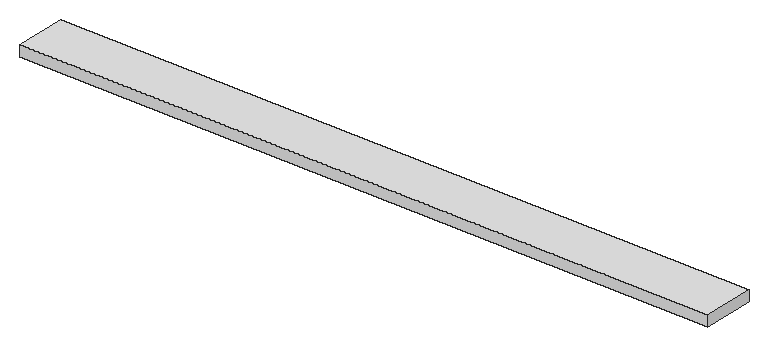
Revit family "11-TRIMBOARD-AND-STEALTH-TRIM-CADS-85-1x4-trim-4-REVIT_Versatex-Generic-Model-1in-x-4in-TRIMBOARD", category Generic Models, host Face, Revit 2026
Family settings
  Host = Face
  Can host rebar = No
  Round Connector Dimension = Use Diameter
  Part Type = Normal
  Cut with Voids When Loaded = No
  Maintain Annotation Orientation = No
  Shared = No
  Room Calculation Point = No
Parameters
  Model = "TBSM/TR010418"
  Length = 4' - 0"
  Warranty = "https://versatex.com/warranty/"
  URL = "https://versatex.com/"
  Specification = "https://www.arcat.com/company/versatex-45716/spec?coid=45716"
  Sales Information = "https://versatex.com/dealer-locator/"
  Message Manufacturer = "https://versatex.com/contact/"
  Material = Versatex PVC - Smooth
  Manufacturer Website = "https://versatex.com/"
  Manufacturer Phone = "724-857-1111"
  Manufacturer Fax = "724-857-1171"
  Manufacturer Address = "400 Steel Street, Aliquippa, PA 15001"
  Manufacturer = "Versatex"
  Literature = "https://versatex.com/literature/?_sft_literature_category=cads"
  Description = "NOMINAL 1” x 4” TRIMBOARD"
  Default Elevation = 4' - 0"
  Copyright = "© 2024 VERSATEX Building Products, LLC"
Reference planes (in)
  plane 1 "Center (Front/Back)": y = 0
  plane 2: z = 0
  plane 3 "Center (Left/Right)": x = 0
  plane 4: x = 24
  plane 5: x = -24
Forms (in)
  Sweep 1, solid, material "Versatex PVC - Smooth" <- "Material"
    path origin (0, 0, 0) x (1, 0, 0) y (0, 1, 0)
      loop
        line (-24, 0) -> (24, 0)
    profile "Versatex_Profile_1” x 4” TRIMBOARD : Versatex_Profile_1” x 4” TRIMBOARD" origin (0, 0, 0) x (0, 1, 0) y (0, 0, 1)
      loop
        line (0, 0) -> (3.5, 0) -> (3.5, 0.75) -> (0, 0.75) -> (0, 0)
Dimensions and locks (in)
  "Length": plane 5 to plane 4
  equal spacing: plane 5, plane 3 "Center (Left/Right)", plane 4, locked at 24 each
  aligned and locked: plane 2 to host face
  aligned and locked: level to host face
Automatic sketch dimensions
  host sketch curve to host sketch curve = 8' - 0"  (x2)
  plane 1 "Center (Front/Back)" to Sweep 1 sketch curve = 0' - 0"
  Sweep 1 sketch curve to plane 5 = 0' - 0"
  Sweep 1 sketch curve to plane 4 = 0' - 0"
